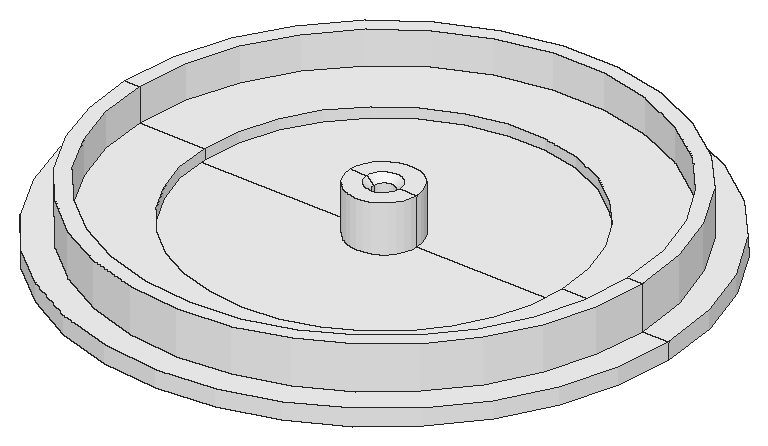
Revit family "Plumbing Fixture-FloorDrain_Mifab_C1300-UR", category Plumbing Fixtures, host Face, Revit 2013
Parameters
  WFU = 0
  URL = "WWW.MIFAB.COM"
  Strainer Radius = Stainer Diameter / 2  # 3.500"
  Stainer Diameter = 7.000"
  Pipe Radius = Pipe Diameter / 2  # 3.000"
  Pipe Diameter = 6.000"
  Model = "C1300-UR"
  Manufacturer = "MIFAB"
  Floor Drain Material = Paint - Sherwin Williams Paint - #952C2A - Bellwood Red
  Description = "FLOOR ACCESS COVERS RECESSED FOR TERRAZZO"
  Default Elevation = 0.000"
  Body Height = 0.725"
Reference planes (in)
  plane 1 "Center (Front/Back)": y = 0
  plane 2: z = 0
  plane 3 "Center (Left/Right)": x = 0
  plane 4: x = -3.5
  plane 5: x = 3.5
  plane 6: z = -0.725
  plane 7: x = -3
  plane 8: x = 3
  plane 9: x = -2.31968
  plane 10: x = 2.31968
Forms (in)
  Revolve 1, solid, material "Paint - Sherwin Williams Paint - #952C2A - Bellwood Red" <- "Floor Drain Material"
    sketch origin (0, 0, 0) x (1, 0, 0) y (0, 0, 1)
      loop
        line (3, -0.525) -> (3, -0.725) -> (3.5, -0.725) -> (3.5, -0.525) -> (3.176, -0.525) -> (3.176, 0) -> (3, 0) -> (3, -0.4) -> (2.2, -0.4) -> (2.2, -0.525) -> (3, -0.525)
      axis (0, 0) -> (0, -0.725)
    angle from 0 to 360
  Revolve 2, solid, material "Paint - Sherwin Williams Paint - #952C2A - Bellwood Red" <- "Floor Drain Material"
    sketch origin (0, 0, 0) x (1, 0, 0) y (0, 0, 1)
      loop
        line (0, -0.725) -> (3, -0.725) -> (3, -0.565) -> (0.41, -0.565) -> (0.41, 0) -> (0.205, 0) -> (0.125, -0.08) -> (0.125, -0.5) -> (0, -0.5) -> (0, -0.725)
      axis (0, -0.725) -> (0, 0)
    angle from 0 to 360
Lines and regions (in)
  symbolic lines
    curve 1: circle (0, 0, 0) r 3.5 normal (0, 0, 1)
  symbolic lines, style "PlumbingFixtures"
    curve 2: circle (0, 0, 0) r 1.00382 normal (0, 0, 1)
Dimensions and locks (in)
  equal spacing: plane 5, plane 3 "Center (Left/Right)", plane 4
  "Stainer Diameter": plane 5 to plane 4
  equal spacing: plane 8, plane 3 "Center (Left/Right)", plane 7
  "Pipe Diameter": plane 8 to plane 7
  "Body Height": host face to plane 6
  "Strainer Radius": radius of curve 1
  aligned and locked: plane 2 to host face
  aligned and locked: level to host face
  aligned and locked: plane 1 "Center (Front/Back)" to curve 1
  aligned and locked: plane 3 "Center (Left/Right)" to curve 1
  aligned and locked: Revolve 1 sketch curve to plane 3 "Center (Left/Right)"
  aligned and locked: Revolve 1 sketch curve to plane 5
  aligned and locked: Revolve 1 sketch curve to plane 6
  aligned and locked: level to Revolve 1 sketch curve
  aligned and locked: plane 3 "Center (Left/Right)" to Revolve 2 sketch curve
Automatic sketch dimensions
  host sketch curve to host sketch curve = 96.000"  (x2)
  plane 8 to Revolve 1 sketch curve = 0.000"  (x2)
  plane 6 to Revolve 1 sketch curve = 0.200"  (x2)
  Revolve 1 sketch curve to plane 6 = 0.000"
  plane 10 to Revolve 1 sketch curve = 0.11968"
  Revolve 1 sketch curve to plane 8 = 0.176"
  Revolve 1 sketch curve to Revolve 1 sketch curve = 0.125"
  Revolve 1 sketch curve to Revolve 1 sketch curve = 0.36038"
  Revolve 2 sketch curve to plane 3 "Center (Left/Right)" = 0.000"
  Revolve 2 sketch curve to level = 0.000"  (x2)
  plane 8 to Revolve 2 sketch curve = 0.000"
  Revolve 2 sketch curve to plane 6 = 0.000"
  Revolve 2 sketch curve to Revolve 2 sketch curve = 0.125"
  Revolve 2 sketch curve to Revolve 2 sketch curve = 0.080"
  Revolve 2 sketch curve to Revolve 2 sketch curve = 0.205"
  plane 6 to Revolve 2 sketch curve = 0.160"
  plane 6 to Revolve 2 sketch curve = 0.225"
  Revolve 2 sketch curve to level = 0.080"
  Revolve 2 sketch curve to Revolve 2 sketch curve = 0.09711"
  curve 1 to curve 2 = 0.000"  (x2)
  plane 1 "Center (Front/Back)" to curve 2 = 0.000"
  curve 2 to plane 3 "Center (Left/Right)" = 0.000"
  radius of curve 2 = 1.00382"
Connectors (in)
  piping at (0, 0, -0.725), driven by "Pipe Radius"
    settings: on Revolve 1, index 1, connector radius 3", flow factor 0, pipe flow 0 GPM, pressure drop 0.00 psi, fitting loss kfactor 0, connector angle 0.00°, fixture units 0, engagement length 0.000", flow configuration 0, flow direction 0, fitting loss method 0, system type 7, joint type 0, gender type 0, connector reference index -1, connector utility 0, adjustable connector no, is connector primary yes, fitting loss table "", connector description ""
